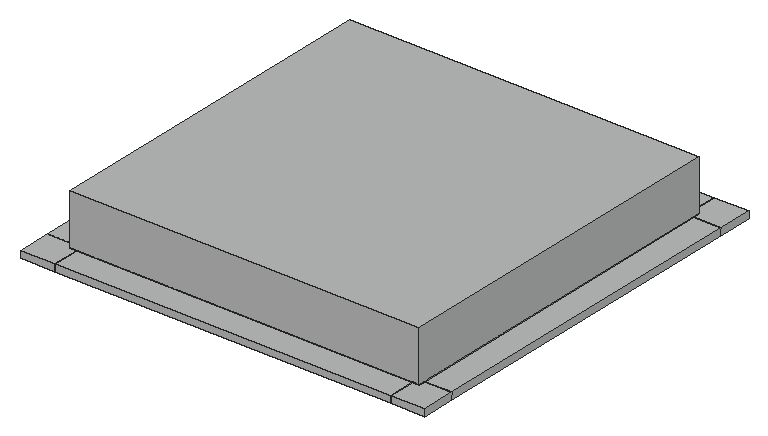
Revit family "ALUMOGIPS", category Осветительные приборы, Revit 2019 (continued)
Types (72, lengths in mm): name | Файл фотометрической сетки | built-in parameter 1150105 | Lumens | built-in parameter 1150106 | built-in parameter 1150142 | Wattage | Emit from Rectangle Width | Emit from Rectangle Length | Длина | Материал светильника | Ширина | ADSK_Ток | ADSK_Полная мощность | ADSK_Обозначение | ADSK_Номинальная мощность | ADSK_Наименование | ADSK_Масса | ADSK_Код изделия
  Alumogips-76/opal-sand 595х1195 (IP54, 4000К, серый) | "Светильник ALUMOGIPS-76 OPAL-SAND-(595x1195).IES" | 604.79 (stored number, unit not read) | 7600 lm | 6.0479 (stored number, unit not read) | "IESNA:LM-63-95\r\n[TEST] Протокол № 9 \r\n[DATA]17.06.2016\r\n[MORE] \r\n[MANUFAC] ЗАО \"Центрстройсвет\"\r\n[LUMCAT]  Светильник CSVT ALUMOGIPS 76/OPAL-SAND-(595x1195)\r\n[LUMINAIRE]\r\n[LAMPCAT] Светодиоды\r\n[LAMP] Поток источника света (светодиодов) не известен\r\n[MORE] КСС приведена в абсолютных величинах кд\r\n[MORE] Вместо потока лампы, указан поток светильника.\r\nTILT=NONE\r\n1    7550 1.0 37 73 1 2 0.595 1.195 0.04\r\n1.0 1.0 74.9\r\n0.0 5.0 10.0 15.0 20.0 25.0 30.0 35.0 40.0 45.0 50.0 55.0 60.0 65.0 70.0 75.0 80.0 85.0 90.0 95.0 100.0 105.0 110.0 115.0 120.0 125.0 130.0 135.0 140.0 145.0 150.0 155.0 160.0 165.0 170.0 175.0 180.0\r\n0.0 5.0 10.0 15.0 20.0 25.0 30.0 35.0 40.0 45.0 50.0 55.0 60.0 65.0 70.0 75.0 80.0 85.0 90.0 95.0 100.0 105.0 110.0 115.0 120.0 125.0 130.0 135.0 140.0 145.0 150.0 155.0 160.0 165.0 170.0 175.0 180.0 185.0 190.0 195.0 200.0 205.0 210.0 215.0 220.0 225.0 230.0 235.0 240.0 245.0 250.0 255.0 260.0 265.0 270.0 275.0 280.0 285.0 290.0 295.0 300.0 305.0 310.0 315.0 320.0 325.0 330.0 335.0 340.0 345.0 350.0 355.0 360.0\r\n2801.4 2785.1 2737.6 2663.2 2562.0 2429.4 2290.6 2118.8 1925.9 1735.4 1535.0 1324.4 1112.9 901.8 690.7 489.4 303.1 133.0 17.7 0.1 0.0 0.0 0.0 0.0 0.0 0.0 0.0 0.0 0.0 0.0 0.1 0.0 0.0 0.0 0.0 0.0 0.0\r\n2801.4 2783.6 2740.4 2670.6 2563.2 2433.9 2284.8 2117.8 1931.7 1740.0 1531.7 1320.8 1111.8 900.3 688.8 487.1 302.0 131.8 17.4 0.1 0.0 0.0 0.0 0.0 0.0 0.0 0.0 0.0 0.0 0.1 0.2 0.0 0.0 0.0 0.0 0.0 0.0\r\n2801.4 2783.8 2740.1 2669.6 2559.8 2437.9 2282.9 2111.9 1930.5 1728.9 1531.4 1321.6 1111.6 899.1 686.0 486.5 299.7 131.3 16.8 0.0 0.0 0.0 0.0 0.0 0.0 0.0 0.0 0.0 0.0 0.2 0.2 0.0 0.0 0.0 0.0 0.0 0.0\r\n2801.4 2785.7 2740.9 2666.1 2563.1 2439.1 2281.6 2114.8 1927.2 1733.6 1527.4 1319.2 1106.4 894.2 684.5 484.4 297.8 130.0 15.9 0.0 0.0 0.0 0.0 0.0 0.0 0.0 0.0 0.0 0.0 0.2 0.2 0.0 0.0 0.0 0.0 0.0 0.0\r\n2801.4 2787.7 2735.0 2667.8 2565.9 2434.8 2279.5 2114.9 1929.7 1734.5 1529.4 1317.9 1103.8 893.2 684.3 483.2 295.6 129.2 15.3 0.0 0.0 0.0 0.0 0.0 0.0 0.0 0.0 0.0 0.0 0.2 0.3 0.0 0.0 0.0 0.0 0.0 0.0\r\n2801.4 2788.1 2737.0 2667.9 2568.6 2430.9 2285.5 2111.7 1926.2 1727.4 1528.1 1317.9 1105.0 892.3 683.4 483.3 294.5 128.2 14.9 0.0 0.0 0.0 0.0 0.0 0.0 0.0 0.0 0.0 0.0 0.2 0.3 0.0 0.0 0.0 0.0 0.0 0.0\r\n2801.4 2787.4 2739.0 2670.1 2564.0 2433.7 2278.9 2109.0 1926.1 1733.9 1524.6 1315.4 1104.0 890.7 681.8 479.4 293.8 128.0 14.6 0.0 0.0 0.0 0.0 0.0 0.0 0.0 0.0 0.0 0.0 0.1 0.3 0.1 0.0 0.0 0.0 0.0 0.0\r\n2801.4 2786.3 2739.7 2669.4 2557.4 2432.8 2277.6 2111.7 1931.1 1727.3 1525.2 1315.1 1102.2 889.6 681.4 479.6 291.8 127.8 14.2 0.0 0.0 0.0 0.0 0.0 0.0 0.0 0.0 0.0 0.0 0.1 0.3 0.2 0.0 0.0 0.0 0.0 0.0\r\n2801.4 2785.3 2742.5 2668.2 2563.1 2432.7 2280.9 2112.8 1924.8 1728.9 1524.9 1314.9 1101.8 890.7 677.5 480.9 291.0 127.5 13.7 0.0 0.0 0.0 0.0 0.0 0.0 0.0 0.0 0.0 0.0 0.0 0.3 0.2 0.0 0.0 0.0 0.0 0.0\r\n2801.4 2784.5 2742.4 2670.1 2562.6 2435.3 2283.6 2107.5 1924.8 1723.4 1524.0 1312.7 1101.8 886.6 680.9 477.5 290.9 127.4 13.2 0.0 0.0 0.0 0.0 0.0 0.0 0.0 0.0 0.0 0.0 0.0 0.2 0.2 0.0 0.0 0.0 0.0 0.0\r\n2801.4 2783.5 2743.9 2664.8 2565.6 2437.3 2287.2 2105.1 1922.5 1726.2 1522.2 1313.8 1100.7 888.5 679.6 476.6 290.4 127.0 12.5 0.0 0.0 0.0 0.0 0.0 0.0 0.0 0.0 0.0 0.0 0.0 0.2 0.3 0.0 0.0 0.0 0.0 0.0\r\n2801.4 2782.7 2742.5 2665.0 2564.3 2440.9 2278.7 2108.3 1920.9 1727.3 1521.8 1311.4 1099.6 888.9 677.4 478.3 289.0 127.4 12.0 0.0 0.0 0.0 0.0 0.0 0.0 0.0 0.0 0.0 0.0 0.0 0.2 0.4 0.0 0.0 0.0 0.0 0.0\r\n2801.4 2783.4 2743.4 2670.1 2565.6 2440.4 2281.8 2110.3 1923.2 1725.4 1520.9 1312.2 1097.8 887.1 679.8 476.2 289.6 126.5 11.0 0.0 0.0 0.0 0.0 0.0 0.0 0.0 0.0 0.0 0.0 0.0 0.2 0.5 0.0 0.0 0.0 0.0 0.0\r\n2801.4 2785.1 2742.5 2669.7 2568.0 2432.5 2279.3 2107.4 1924.9 1724.7 1522.4 1312.9 1100.4 886.8 678.4 476.6 291.0 125.4 10.2 0.0 0.0 0.0 0.0 0.0 0.0 0.0 0.0 0.0 0.0 0.0 0.2 0.5 0.0 0.0 0.0 0.0 0.0\r\n2801.4 2786.5 2740.0 2669.5 2575.5 2435.6 2280.3 2108.8 1922.7 1724.0 1526.1 1310.2 1095.3 887.4 677.8 477.5 287.8 127.4 10.0 0.0 0.0 0.0 0.0 0.0 0.0 0.0 0.0 0.0 0.0 0.0 0.2 0.6 0.0 0.0 0.0 0.0 0.0\r\n2801.4 2786.7 2740.5 2670.6 2573.0 2438.9 2275.4 2107.1 1917.0 1722.5 1517.4 1310.8 1097.8 887.0 678.6 476.7 287.7 127.4 9.4 0.0 0.0 0.0 0.0 0.0 0.0 0.0 0.0 0.0 0.0 0.0 0.1 0.7 0.0 0.0 0.0 0.0 0.0\r\n2801.4 2786.2 2741.4 2673.1 2574.2 2432.8 2279.2 2101.4 1922.2 1719.6 1519.1 1310.3 1098.5 884.9 676.9 471.5 290.5 126.8 9.3 0.0 0.0 0.0 0.0 0.0 0.0 0.0 0.0 0.0 0.0 0.0 0.1 0.7 0.0 0.0 0.0 0.0 0.0\r\n2801.4 2786.0 2743.7 2673.4 2579.7 2439.7 2280.3 2110.3 1920.8 1719.9 1524.4 1312.9 1099.7 886.3 677.8 474.8 288.9 127.4 9.7 0.0 0.0 0.0 0.0 0.0 0.0 0.0 0.0 0.0 0.0 0.0 0.1 0.8 0.0 0.0 0.0 0.0 0.0\r\n2801.4 2786.3 2742.9 2669.8 2577.9 2439.3 2277.0 2103.8 1922.6 1726.9 1519.1 1310.8 1097.5 886.4 677.5 472.8 288.8 128.0 9.4 0.0 0.0 0.0 0.0 0.0 0.0 0.0 0.0 0.0 0.0 0.0 0.1 0.8 0.0 0.0 0.0 0.0 0.0\r\n2801.4 2786.2 2743.1 2670.4 2578.2 2440.7 2276.9 2105.5 1923.0 1727.2 1519.6 1311.1 1096.4 886.5 676.9 471.9 288.6 128.0 9.3 0.0 0.0 0.0 0.0 0.0 0.0 0.0 0.0 0.0 0.0 0.0 0.1 0.8 0.0 0.0 0.0 0.0 0.0\r\n2801.4 2786.0 2743.4 2673.6 2579.2 2437.4 2278.9 2108.3 1921.0 1720.5 1524.2 1312.9 1099.5 886.0 678.5 475.2 288.9 127.7 9.7 0.0 0.0 0.0 0.0 0.0 0.0 0.0 0.0 0.0 0.0 0.0 0.1 0.7 0.0 0.0 0.0 0.0 0.0\r\n2801.4 2786.3 2741.0 2672.8 2573.1 2434.3 2279.9 2101.6 1921.5 1719.9 1519.4 1310.8 1098.8 884.7 676.7 472.2 290.2 126.2 9.4 0.0 0.0 0.0 0.0 0.0 0.0 0.0 0.0 0.0 0.0 0.0 0.1 0.7 0.0 0.0 0.0 0.0 0.0\r\n2801.4 2786.8 2740.4 2670.1 2573.6 2438.3 2275.9 2107.2 1916.7 1721.4 1517.2 1309.7 1098.4 887.4 678.7 476.2 288.5 127.3 9.4 0.0 0.0 0.0 0.0 0.0 0.0 0.0 0.0 0.0 0.0 0.0 0.1 0.6 0.0 0.0 0.0 0.0 0.0\r\n2801.4 2786.3 2740.2 2669.7 2574.4 2436.1 2280.1 2107.9 1924.3 1724.9 1525.9 1311.1 1095.1 886.7 677.5 477.8 288.0 127.4 10.0 0.0 0.0 0.0 0.0 0.0 0.0 0.0 0.0 0.0 0.0 0.0 0.2 0.6 0.0 0.0 0.0 0.0 0.0\r\n2801.4 2784.7 2743.1 2669.7 2567.5 2432.5 2279.9 2108.9 1923.1 1724.7 1522.2 1312.8 1100.6 887.2 678.1 477.5 290.2 125.6 10.4 0.0 0.0 0.0 0.0 0.0 0.0 0.0 0.0 0.0 0.0 0.0 0.2 0.5 0.0 0.0 0.0 0.0 0.0\r\n2801.4 2783.2 2743.0 2669.5 2565.0 2440.4 2281.5 2110.2 1924.6 1725.2 1522.4 1312.5 1097.6 887.6 680.6 475.2 290.4 126.5 11.2 0.0 0.0 0.0 0.0 0.0 0.0 0.0 0.0 0.0 0.0 0.0 0.2 0.4 0.0 0.0 0.0 0.0 0.0\r\n2801.4 2782.8 2742.8 2664.4 2564.0 2441.1 2277.9 2108.3 1919.7 1727.4 1521.6 1311.8 1099.5 888.9 677.5 478.6 288.7 127.4 12.1 0.0 0.0 0.0 0.0 0.0 0.0 0.0 0.0 0.0 0.0 0.0 0.2 0.3 0.0 0.0 0.0 0.0 0.0\r\n2801.4 2783.7 2743.7 2665.6 2565.3 2436.1 2288.3 2105.8 1923.1 1725.8 1522.5 1313.8 1101.5 888.8 678.9 476.9 290.5 127.1 12.8 0.0 0.0 0.0 0.0 0.0 0.0 0.0 0.0 0.0 0.0 0.0 0.2 0.2 0.0 0.0 0.0 0.0 0.0\r\n2801.4 2784.7 2742.3 2670.3 2562.8 2435.0 2284.0 2107.7 1924.6 1725.6 1523.4 1312.6 1101.1 886.4 681.5 477.7 291.1 127.3 13.4 0.0 0.0 0.0 0.0 0.0 0.0 0.0 0.0 0.0 0.0 0.0 0.3 0.2 0.0 0.0 0.0 0.0 0.0\r\n2801.4 2785.4 2742.2 2668.2 2562.5 2433.7 2279.9 2112.7 1926.2 1727.8 1524.6 1315.4 1102.1 890.8 677.5 481.1 290.8 127.7 13.8 0.0 0.0 0.0 0.0 0.0 0.0 0.0 0.0 0.0 0.0 0.1 0.3 0.2 0.0 0.0 0.0 0.0 0.0\r\n2801.4 2786.5 2739.3 2669.5 2557.0 2431.0 2277.2 2111.7 1930.1 1727.5 1526.2 1314.4 1102.1 889.6 681.7 479.6 292.4 127.8 14.3 0.0 0.0 0.0 0.0 0.0 0.0 0.0 0.0 0.0 0.0 0.1 0.3 0.1 0.0 0.0 0.0 0.0 0.0\r\n2801.4 2787.6 2738.8 2670.1 2566.8 2433.7 2280.1 2108.4 1926.6 1733.6 1526.4 1317.2 1105.5 890.9 682.2 479.7 293.8 128.0 14.7 0.0 0.0 0.0 0.0 0.0 0.0 0.0 0.0 0.0 0.0 0.1 0.3 0.1 0.0 0.0 0.0 0.0 0.0\r\n2801.4 2788.2 2736.3 2667.5 2567.1 2433.1 2285.2 2112.2 1926.5 1727.4 1526.8 1317.6 1104.6 893.0 683.4 483.8 294.8 128.4 14.9 0.0 0.0 0.0 0.0 0.0 0.0 0.0 0.0 0.0 0.0 0.2 0.3 0.0 0.0 0.0 0.0 0.0 0.0\r\n2801.4 2787.4 2735.7 2667.6 2565.5 2434.1 2279.6 2115.7 1929.9 1735.1 1528.5 1318.3 1103.7 893.8 684.5 483.3 295.8 129.3 15.4 0.0 0.0 0.0 0.0 0.0 0.0 0.0 0.0 0.0 0.0 0.2 0.2 0.0 0.0 0.0 0.0 0.0 0.0\r\n2801.4 2785.3 2741.4 2666.4 2562.5 2438.5 2281.4 2114.5 1927.8 1733.3 1529.6 1318.7 1107.1 894.2 684.8 484.7 298.3 130.2 16.2 0.0 0.0 0.0 0.0 0.0 0.0 0.0 0.0 0.0 0.0 0.2 0.2 0.0 0.0 0.0 0.0 0.0 0.0\r\n2801.4 2783.6 2740.0 2670.2 2560.3 2439.0 2281.8 2112.7 1930.5 1729.7 1531.4 1321.8 1111.6 899.4 686.5 487.0 300.1 131.4 17.0 0.0 0.0 0.0 0.0 0.0 0.0 0.0 0.0 0.0 0.0 0.2 0.2 0.0 0.0 0.0 0.0 0.0 0.0\r\n2801.4 2783.8 2740.1 2669.6 2563.6 2432.3 2286.0 2116.4 1932.0 1740.1 1531.9 1321.8 1112.6 901.0 689.2 487.4 302.2 132.0 17.6 0.1 0.0 0.0 0.0 0.0 0.0 0.0 0.0 0.0 0.0 0.1 0.1 0.0 0.0 0.0 0.0 0.0 0.0\r\n2801.4 2785.5 2737.1 2663.3 2561.8 2431.3 2291.7 2119.0 1926.3 1736.5 1535.0 1324.6 1112.8 901.5 690.9 489.7 303.6 133.1 17.8 0.1 0.0 0.0 0.0 0.0 0.0 0.0 0.0 0.0 0.0 0.0 0.0 0.0 0.0 0.0 0.0 0.0 0.0\r\n2801.4 2786.9 2737.3 2668.9 2562.8 2437.7 2285.9 2119.0 1936.6 1742.8 1535.6 1329.2 1117.7 904.4 692.0 490.7 304.9 134.5 18.0 0.1 0.0 0.0 0.0 0.0 0.0 0.0 0.0 0.0 0.0 0.0 0.0 0.0 0.0 0.0 0.0 0.0 0.0\r\n2801.4 2786.7 2739.2 2663.9 2564.2 2432.7 2285.5 2113.9 1936.0 1744.3 1537.9 1329.1 1118.6 903.3 695.7 492.3 305.8 136.0 18.2 0.1 0.0 0.0 0.0 0.0 0.0 0.0 0.0 0.0 0.1 0.1 0.0 0.0 0.0 0.0 0.0 0.0 0.0\r\n2801.4 2785.5 2737.3 2663.2 2568.9 2440.3 2284.0 2126.7 1933.3 1744.6 1539.5 1333.5 1118.0 906.0 695.8 495.1 307.2 137.4 18.3 0.1 0.0 0.0 0.0 0.0 0.0 0.0 0.0 0.0 0.1 0.1 0.0 0.0 0.0 0.0 0.0 0.0 0.0\r\n2801.4 2785.3 2737.3 2662.9 2556.7 2434.0 2287.7 2125.9 1937.9 1745.2 1542.6 1330.5 1120.7 907.0 698.9 495.4 307.6 138.6 18.4 0.1 0.0 0.0 0.0 0.0 0.0 0.0 0.0 0.0 0.0 0.1 0.0 0.0 0.0 0.0 0.0 0.0 0.0\r\n2801.4 2786.7 2737.3 2664.2 2562.9 2437.7 2287.7 2121.2 1939.3 1740.9 1541.9 1332.0 1124.0 908.1 702.4 497.7 307.1 139.5 18.6 0.0 0.0 0.0 0.0 0.0 0.0 0.0 0.0 0.0 0.0 0.1 0.0 0.0 0.0 0.0 0.0 0.0 0.0\r\n2801.4 2787.5 2735.9 2663.3 2561.5 2436.6 2283.6 2117.2 1939.2 1746.3 1547.1 1338.3 1124.5 911.0 701.3 497.4 308.3 140.6 18.4 0.0 0.0 0.0 0.0 0.0 0.0 0.0 0.0 0.0 0.1 0.1 0.0 0.0 0.0 0.0 0.0 0.0 0.0\r\n2801.4 2786.9 2736.7 2660.5 2562.5 2432.8 2285.7 2118.8 1939.9 1745.3 1546.5 1333.3 1126.2 911.7 701.7 498.6 308.5 140.4 18.3 0.0 0.0 0.0 0.0 0.0 0.0 0.0 0.0 0.0 0.0 0.1 0.0 0.0 0.0 0.0 0.0 0.0 0.0\r\n2801.4 2786.0 2740.0 2662.7 2561.6 2432.7 2285.4 2121.9 1941.7 1747.4 1545.5 1338.8 1126.5 911.1 703.5 499.5 309.2 140.5 18.1 0.0 0.0 0.0 0.0 0.0 0.0 0.0 0.0 0.0 0.0 0.0 0.0 0.0 0.0 0.0 0.0 0.0 0.0\r\n2801.4 2785.3 2740.1 2665.5 2560.9 2431.9 2280.7 2123.2 1944.4 1748.3 1546.5 1337.6 1128.1 912.6 703.2 500.1 308.6 141.7 17.7 0.0 0.0 0.0 0.0 0.0 0.0 0.0 0.0 0.0 0.1 0.0 0.0 0.0 0.0 0.0 0.0 0.0 0.0\r\n2801.4 2785.1 2738.3 2661.5 2554.3 2430.0 2287.1 2124.1 1942.5 1749.7 1550.8 1339.2 1127.5 913.7 702.5 498.5 311.4 141.4 16.8 0.0 0.0 0.0 0.0 0.0 0.0 0.0 0.0 0.1 0.2 0.0 0.0 0.0 0.0 0.0 0.0 0.0 0.0\r\n2801.4 2785.0 2740.3 2660.5 2557.0 2431.7 2284.0 2122.2 1942.5 1753.3 1548.2 1337.3 1128.7 914.1 703.2 500.9 309.3 141.9 16.2 0.0 0.0 0.0 0.0 0.0 0.0 0.0 0.0 0.2 0.2 0.0 0.0 0.0 0.0 0.0 0.0 0.0 0.0\r\n2801.4 2784.6 2737.5 2662.5 2558.0 2426.3 2287.7 2120.1 1942.9 1751.4 1551.8 1339.6 1128.3 914.0 703.1 503.4 308.4 142.2 15.6 0.0 0.0 0.0 0.0 0.0 0.0 0.0 0.0 0.2 0.3 0.0 0.0 0.0 0.0 0.0 0.0 0.0 0.0\r\n2801.4 2784.0 2737.3 2660.7 2555.7 2431.7 2286.2 2123.1 1945.1 1751.7 1549.2 1343.7 1129.3 916.9 706.1 500.5 311.7 143.4 15.2 0.0 0.0 0.0 0.0 0.0 0.0 0.0 0.1 0.2 0.4 0.0 0.0 0.0 0.0 0.0 0.0 0.0 0.0\r\n2801.4 2783.5 2739.6 2659.1 2549.2 2429.8 2289.3 2124.6 1942.0 1751.8 1547.5 1338.7 1129.6 916.1 706.0 502.1 311.0 142.5 15.1 0.0 0.0 0.0 0.0 0.0 0.0 0.0 0.1 0.2 0.4 0.0 0.0 0.0 0.0 0.0 0.0 0.0 0.0\r\n2801.4 2783.5 2738.2 2659.1 2551.1 2429.3 2285.5 2122.0 1945.1 1752.3 1552.7 1345.3 1130.2 916.9 708.9 501.2 310.1 144.3 15.1 0.0 0.0 0.0 0.0 0.0 0.0 0.0 0.1 0.3 0.4 0.0 0.0 0.0 0.0 0.0 0.0 0.0 0.0\r\n2801.4 2784.2 2738.8 2660.6 2548.9 2425.4 2284.7 2124.8 1944.3 1749.7 1549.0 1340.8 1132.0 920.4 709.2 500.6 312.3 145.6 14.8 0.0 0.0 0.0 0.0 0.0 0.0 0.0 0.2 0.3 0.4 0.0 0.0 0.0 0.0 0.0 0.0 0.0 0.0\r\n2801.4 2785.1 2739.0 2658.3 2548.0 2430.3 2287.7 2128.7 1944.8 1755.6 1552.9 1344.8 1127.7 918.2 708.1 501.1 310.9 143.6 14.3 0.0 0.0 0.0 0.0 0.0 0.0 0.0 0.2 0.2 0.4 0.0 0.0 0.0 0.0 0.0 0.0 0.0 0.0\r\n2801.4 2785.0 2739.0 2659.4 2548.6 2430.6 2288.4 2129.0 1946.0 1755.7 1553.6 1344.8 1125.6 916.3 706.8 500.7 309.9 143.0 14.3 0.0 0.0 0.0 0.0 0.0 0.0 0.0 0.2 0.2 0.4 0.0 0.0 0.0 0.0 0.0 0.0 0.0 0.0\r\n2801.4 2784.1 2738.5 2660.1 2548.7 2426.1 2284.6 2124.3 1944.6 1750.2 1548.5 1341.2 1132.9 920.6 709.6 500.8 312.6 145.6 14.8 0.0 0.0 0.0 0.0 0.0 0.0 0.0 0.2 0.3 0.4 0.0 0.0 0.0 0.0 0.0 0.0 0.0 0.0\r\n2801.4 2783.5 2738.5 2659.2 2551.9 2429.0 2285.2 2123.1 1944.2 1752.7 1554.1 1344.7 1129.6 917.7 709.3 501.3 310.2 144.4 14.9 0.0 0.0 0.0 0.0 0.0 0.0 0.0 0.1 0.3 0.4 0.0 0.0 0.0 0.0 0.0 0.0 0.0 0.0\r\n2801.4 2783.5 2739.5 2659.3 2548.8 2429.7 2289.5 2124.0 1941.5 1750.2 1546.8 1338.9 1130.1 915.3 705.9 502.4 309.9 142.5 15.3 0.0 0.0 0.0 0.0 0.0 0.0 0.0 0.1 0.2 0.4 0.0 0.0 0.0 0.0 0.0 0.0 0.0 0.0\r\n2801.4 2784.1 2736.6 2661.3 2556.7 2431.5 2285.9 2122.0 1945.8 1752.1 1549.3 1343.5 1129.1 916.9 705.5 500.2 312.6 142.8 15.3 0.0 0.0 0.0 0.0 0.0 0.0 0.0 0.0 0.2 0.4 0.0 0.0 0.0 0.0 0.0 0.0 0.0 0.0\r\n2801.4 2784.7 2738.2 2662.1 2558.6 2427.2 2287.5 2120.9 1941.9 1750.0 1550.5 1339.6 1127.8 914.1 703.8 502.7 308.6 142.3 15.6 0.0 0.0 0.0 0.0 0.0 0.0 0.0 0.0 0.2 0.2 0.0 0.0 0.0 0.0 0.0 0.0 0.0 0.0\r\n2801.4 2785.0 2740.0 2660.6 2556.4 2430.7 2282.5 2122.9 1942.2 1754.8 1549.0 1337.6 1128.6 914.4 701.8 501.3 309.2 141.9 16.3 0.0 0.0 0.0 0.0 0.0 0.0 0.0 0.0 0.1 0.2 0.0 0.0 0.0 0.0 0.0 0.0 0.0 0.0\r\n2801.4 2785.1 2738.3 2661.9 2554.4 2431.0 2289.2 2123.3 1943.9 1748.6 1550.3 1339.2 1127.2 913.4 702.6 498.5 311.2 141.1 17.0 0.0 0.0 0.0 0.0 0.0 0.0 0.0 0.0 0.1 0.2 0.0 0.0 0.0 0.0 0.0 0.0 0.0 0.0\r\n2801.4 2785.4 2740.5 2665.8 2562.2 2431.4 2279.8 2124.1 1942.8 1748.1 1547.0 1337.3 1128.6 912.0 703.8 498.9 308.4 141.7 17.7 0.0 0.0 0.0 0.0 0.0 0.0 0.0 0.0 0.0 0.1 0.0 0.0 0.0 0.0 0.0 0.0 0.0 0.0\r\n2801.4 2786.1 2739.5 2661.5 2562.2 2433.4 2285.9 2120.6 1941.9 1748.4 1543.7 1338.3 1125.8 911.4 701.9 500.5 309.1 140.4 18.2 0.0 0.0 0.0 0.0 0.0 0.0 0.0 0.0 0.0 0.0 0.0 0.0 0.0 0.0 0.0 0.0 0.0 0.0\r\n2801.4 2787.1 2736.2 2661.1 2560.8 2433.8 2284.0 2117.5 1940.0 1745.1 1547.1 1333.3 1125.8 911.1 702.0 498.1 308.3 140.4 18.3 0.0 0.0 0.0 0.0 0.0 0.0 0.0 0.0 0.0 0.1 0.1 0.0 0.0 0.0 0.0 0.0 0.0 0.0\r\n2801.4 2787.5 2736.1 2663.6 2563.1 2435.4 2286.8 2118.9 1937.6 1745.6 1546.6 1337.6 1124.9 911.1 701.8 497.2 308.0 140.5 18.5 0.0 0.0 0.0 0.0 0.0 0.0 0.0 0.0 0.0 0.1 0.1 0.0 0.0 0.0 0.0 0.0 0.0 0.0\r\n2801.4 2786.4 2737.4 2664.5 2561.6 2437.6 2286.9 2120.4 1940.7 1741.5 1541.1 1331.6 1123.8 907.4 701.2 497.3 307.1 139.3 18.6 0.0 0.0 0.0 0.0 0.0 0.0 0.0 0.0 0.0 0.0 0.1 0.0 0.0 0.0 0.0 0.0 0.0 0.0\r\n2801.4 2785.2 2737.3 2662.3 2558.2 2435.6 2286.1 2124.6 1937.9 1744.7 1543.5 1330.0 1120.0 906.2 698.7 495.4 307.5 138.5 18.4 0.1 0.0 0.0 0.0 0.0 0.0 0.0 0.0 0.0 0.0 0.1 0.0 0.0 0.0 0.0 0.0 0.0 0.0\r\n2801.4 2785.6 2737.6 2663.6 2569.0 2439.1 2285.2 2127.4 1933.6 1743.5 1538.8 1334.1 1117.6 906.5 695.9 494.5 307.0 137.1 18.3 0.1 0.0 0.0 0.0 0.0 0.0 0.0 0.0 0.0 0.1 0.1 0.0 0.0 0.0 0.0 0.0 0.0 0.0\r\n2801.4 2786.9 2739.1 2664.5 2563.5 2433.2 2284.7 2114.5 1934.4 1744.1 1538.1 1328.4 1118.8 902.8 695.1 492.0 305.7 135.6 18.2 0.1 0.0 0.0 0.0 0.0 0.0 0.0 0.0 0.0 0.1 0.1 0.0 0.0 0.0 0.0 0.0 0.0 0.0\r\n2801.4 2786.8 2737.0 2668.8 2562.8 2437.8 2286.5 2117.8 1937.3 1743.3 1534.3 1328.6 1116.9 903.7 691.6 490.4 304.7 134.2 17.9 0.1 0.0 0.0 0.0 0.0 0.0 0.0 0.0 0.0 0.0 0.0 0.0 0.0 0.0 0.0 0.0 0.0 0.0\r\n2801.4 2785.1 2737.6 2663.2 2562.0 2429.4 2290.6 2118.8 1925.9 1735.4 1535.0 1324.4 1112.9 901.8 690.7 489.4 303.1 133.0 17.7 0.1 0.0 0.0 0.0 0.0 0.0 0.0 0.0 0.0 0.0 0.0 0.1 0.0 0.0 0.0 0.0 0.0 0.0\r\n" | 51.164 W | 575 | 
    1175 | 1195 | RAL 9006 | 595 | 0.359168 A | 82.6087 VA | "Alumogips-76/opal-sand 595х1195 (IP54, 4000К, серый)" | 76 W | "Встраиваемый светодиодный светильник Alumogips-76/opal-sand 595х1195 (IP54, 4000К, серый)" | 5 | "ЦБ000008056"
